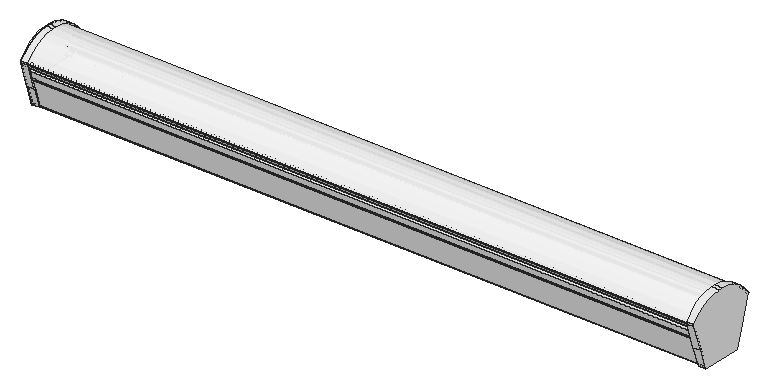
Revit family "LCOM-DFX", category Lighting Fixtures, host Face, Revit 2019
Family settings
  Host = Face
  Round Connector Dimension = Use Diameter
  Part Type = Normal
  OmniClass Number = 23.80.70.11.14.11
  OmniClass Title = Downlights
  Cut with Voids When Loaded = No
  Light Source = Yes
  Shared = No
  Room Calculation Point = No
Parameters (values of type "LCOM-DFX48-LED840K050LUNV")
  Width = 0' - 4 143/256"
  Wattage = 44 W
  built-in parameter 1150110 = 1 (stored number, unit not read)
  Voltage = 120 V
  URL = "https://www.viscor.com/en/products/lcom"
  built-in parameter 1114217 = 0.9 (stored number, unit not read)
  Tilt Angle = -90.00°
  built-in parameter 1150109 = 1 (stored number, unit not read)
  built-in parameter 1150134 = 12
  built-in parameter 1150113 = 1 (stored number, unit not read)
  Photometric Web File = "LCOM-DFX48-LED840K050LUNV.ies"
  Model = "LCOM"  # constant formula
  Manufacturer = "Visioneering By Viscor"  # constant formula
  built-in parameter 1150105 = 402.66 (stored number, unit not read)
  Lumens = 5060 lm
  built-in parameter 1150115 = 1 (stored number, unit not read)
  built-in parameter 1150137 = (empty or 0)
  built-in parameter 1150139 = (empty or 0)
  Lens Finish = Acrylic - Viscor - Frosted Round
  Length = 3' - 9 9/128"
  Lamp Wattage = 44 VA
  built-in parameter 1150112 = 1 (stored number, unit not read)
  built-in parameter 1150114 = 1 (stored number, unit not read)
  Lamp = "LED"
  built-in parameter 1150132 = (empty or 0)
  built-in parameter 1150102 = (empty or 0)
  built-in parameter 1150107 = 4000 (stored number, unit not read)
  built-in parameter 1150138 = (empty or 0)
  built-in parameter 1150106 = 4.0266 (stored number, unit not read)
  Housing Finish = Metal - Viscor - White
  Emit from Line Length = Length  # 3' - 9 9/128"
  built-in parameter 1150104 = 10.684 (stored number, unit not read)
  Dimming Lamp Color Temperature Shift = <None>
  Description = "Commercial-grade, LED strip luminaire"  # constant formula
  Default Elevation = 4' - 0"
  Color Filter = 16777215
  built-in parameter 1114218 = 1 (stored number, unit not read)
  built-in parameter 1150133 = 10 (stored number, unit not read)
  Assembly Code = ""
  Apparent Load = Lamp Wattage  # 44 VA
Types (9): name | Wattage | Photometric Web File | built-in parameter 1150105 | Lumens | Length | Lamp Wattage | built-in parameter 1150106 | Emit from Line Length | built-in parameter 1150104 | Assembly Code | Apparent Load
  (no name) | 44 W | "LCOM-DFX48-LED840K050LUNV.ies" | 402.66 (stored number, unit not read) | 5060 lm | 3' - 9 9/128" | 44 VA | 4.0266 (stored number, unit not read) | 3' - 9 9/128" | 10.684 (stored number, unit not read) | "" | 44 VA
  LCOM-DFX48-LED840K032LUNV | 26 W | "LCOM-DFX48-LED840K032LUNV.ies" | 254.49 (stored number, unit not read) | 3198 lm | 3' - 9 9/128" | 26 VA | 2.5449 (stored number, unit not read) | 3' - 9 9/128" | 11.427 (stored number, unit not read) | "" | 26 VA
  LCOM-DFX24-LED840K020LUNV | 16 W | "LCOM-DFX24-LED840K020LUNV.ies" | 162.97 (stored number, unit not read) | 2048 lm | 1' - 11 1/8" | 16 VA | 1.6297 (stored number, unit not read) | 1' - 11 1/8" | 11.892 (stored number, unit not read) | "D5020200" | 16 VA
  LCOM-DFX24-LED840K032LUNV | 25 W | "LCOM-DFX24-LED840K032LUNV.ies" | 254.65 (stored number, unit not read) | 3200 lm | 1' - 11 1/8" | 25 VA | 2.5465 (stored number, unit not read) | 1' - 11 1/8" | 11.892 (stored number, unit not read) | "" | 25 VA
  LCOM-DFX48-LED840K040LUNV | 33 W | "LCOM-DFX48-LED840K040LUNV.ies" | 317.75 (stored number, unit not read) | 3993 lm | 3' - 9 9/128" | 33 VA | 3.1775 (stored number, unit not read) | 3' - 9 9/128" | 11.241 (stored number, unit not read) | "" | 33 VA
  LCOM-DFX48-LED840K050LUNV | 44 W | "LCOM-DFX48-LED840K050LUNV.ies" | 402.66 (stored number, unit not read) | 5060 lm | 3' - 9 9/128" | 44 VA | 4.0266 (stored number, unit not read) | 3' - 9 9/128" | 10.684 (stored number, unit not read) | "" | 44 VA
  LCOM-DFX48-LED840K060LUNV | 54 W | "LCOM-DFX48-LED840K060LUNV.ies" | 476.99 (stored number, unit not read) | 5994 lm | 3' - 9 9/128" | 54 VA | 4.7699 (stored number, unit not read) | 3' - 9 9/128" | 10.312 (stored number, unit not read) | "" | 54 VA
  LCOM-DFX48-UVA | 52 W | 0' - 0" | 566.91 (stored number, unit not read) | 7124 lm | 3' - 9 9/128" | 52 VA | 5.6691 (stored number, unit not read) | 3' - 9 9/128" | 12.728 (stored number, unit not read) | "" | 52 VA
  LCOM-DFX24-UVA | 14.8 W | "LCOM-DFX24-UVA.ies" | 0.31799 (stored number, unit not read) | 3.996 lm | 1' - 11 1/8" | 14.8 VA | 0.0031799 (stored number, unit not read) | 1' - 11 1/8" | 0.025084 (stored number, unit not read) | "D5020200" | 14.8 VA
Reference planes (in)
  plane 1 "Center (Front/Back)": y = 0
  plane 2: z = 0
  plane 3 "Center (Left/Right)": x = 0
  plane 4: y = 2.2793
  plane 5: y = -2.2793
  plane 6 "Left": x = -22.53516
  plane 7 "Right": x = 22.53516
  plane 8: x = -22.50391
  plane 9: x = 22.50391
  plane 10: x = -22.03516
  plane 11: x = 22.03516
Forms (in)
  Extrusion 1, solid, material "Metal - Viscor - White" <- "Housing Finish"
    sketch origin (0, 0, 0) x (0, 1, 0) y (0, 0, 1)
      loop
        line (1.76425, 1.968) -> (1.29722, 1.968) -> (1.29722, 1.93675) -> (1.76425, 1.93675)
        arc (1.76425, 1.93675) -> (1.79479, 1.92119) -> (1.80016, 1.88733) r 0.03775
        line (1.80016, 1.88733) -> (1.23577, 0.15033)
        arc (1.23577, 0.15033) -> (1.22206, 0.13146) -> (1.19987, 0.12425) r 0.03775
        line (1.19987, 0.12425) -> (-1.19987, 0.12425)
        arc (-1.19987, 0.12425) -> (-1.22206, 0.13146) -> (-1.23577, 0.15033) r 0.03775
        line (-1.23577, 0.15033) -> (-1.80016, 1.88733)
        arc (-1.80016, 1.88733) -> (-1.79479, 1.92119) -> (-1.76425, 1.93675) r 0.03775
        line (-1.76425, 1.93675) -> (-1.29722, 1.93675) -> (-1.29722, 1.968) -> (-1.76425, 1.968)
        arc (-1.76425, 1.968) -> (-1.82008, 1.93956) -> (-1.82988, 1.87768) r 0.069
        line (-1.82988, 1.87768) -> (-1.26549, 0.14068)
        arc (-1.26549, 0.14068) -> (-1.24043, 0.10618) -> (-1.19987, 0.093) r 0.069
        line (-1.19987, 0.093) -> (1.19987, 0.093)
        arc (1.19987, 0.093) -> (1.24043, 0.10618) -> (1.26549, 0.14068) r 0.069
        line (1.26549, 0.14068) -> (1.82988, 1.87768)
        arc (1.82988, 1.87768) -> (1.82008, 1.93956) -> (1.76425, 1.968) r 0.069
    from -22.50391 to 22.50391
  Extrusion 2, solid, material "Metal - Viscor - White" <- "Housing Finish"
    sketch origin (0, 0, 0) x (0, 1, 0) y (0, 0, 1)
      loop
        line (0.13124, 4.28189) -> (-0.12661, 4.2821)
        arc (-0.12661, 4.2821) -> (-1.33871, 3.93586) -> (-2.26566, 3.08155) r 2.72746
        arc (-2.26566, 3.08155) -> (-2.27854, 3.04796) -> (-2.2754, 3.01212) r 0.08
        line (-2.2754, 3.01212) -> (-1.73379, 1.34522) -> (-1.69882, 1.35658) -> (-1.27688, 0.058) -> (1.27688, 0.058) -> (1.69882, 1.35658) -> (1.73379, 1.34522) -> (2.2754, 3.01212)
        arc (2.2754, 3.01212) -> (2.27854, 3.04796) -> (2.26566, 3.08155) r 0.08
        arc (2.26566, 3.08155) -> (1.34073, 3.93472) -> (0.13124, 4.28189) r 2.72746
    from 22.03516 to 22.53516
  Extrusion 3, solid, material "Metal - Viscor - White" <- "Housing Finish"
    sketch origin (0, 0, 0) x (0, 1, 0) y (0, 0, -1)
      loop
        arc (0.13124, -4.28189) -> (1.34073, -3.93472) -> (2.26566, -3.08155) r 2.72746
        arc (2.26566, -3.08155) -> (2.27854, -3.04796) -> (2.2754, -3.01212) r 0.08
        line (2.2754, -3.01212) -> (1.73379, -1.34522) -> (1.69882, -1.35658) -> (1.27688, -0.058) -> (-1.27688, -0.058) -> (-1.69882, -1.35658) -> (-1.73379, -1.34522) -> (-2.2754, -3.01212)
        arc (-2.2754, -3.01212) -> (-2.27854, -3.04796) -> (-2.26566, -3.08155) r 0.08
        arc (-2.26566, -3.08155) -> (-1.33871, -3.93586) -> (-0.12661, -4.2821) r 2.72746
        line (-0.12661, -4.2821) -> (0.13124, -4.28189)
    from 22.03516 to 22.53516
  Extrusion 4, solid, material "Acrylic - Viscor - Frosted Round" <- "Lens Finish"
    sketch origin (0, 0, 0) x (0, 1, 0) y (0, 0, 1)
      loop
        line (1.71654, 2.35345) -> (1.56838, 2.34114)
        arc (1.56838, 2.34114) -> (1.51005, 2.35464) -> (1.47047, 2.39956) r 0.098
        line (1.47047, 2.39956) -> (1.44364, 2.46095)
        arc (1.44364, 2.46095) -> (1.44791, 2.54805) -> (1.51992, 2.59726) r 0.098
        line (1.51992, 2.59726) -> (1.9983, 2.66388)
        arc (1.9983, 2.66388) -> (2.05466, 2.68569) -> (2.0954, 2.73032) r 0.13205
        line (2.0954, 2.73032) -> (2.21575, 2.94602)
        arc (2.21575, 2.94602) -> (2.219, 2.98894) -> (2.20381, 3.02921) r 0.09943
        arc (2.20381, 3.02921) -> (0, 4.22177) -> (-2.20381, 3.02921) r 2.63256
        arc (-2.20381, 3.02921) -> (-2.219, 2.98894) -> (-2.21575, 2.94602) r 0.09943
        line (-2.21575, 2.94602) -> (-2.0954, 2.73032)
        arc (-2.0954, 2.73032) -> (-2.05466, 2.68569) -> (-1.9983, 2.66388) r 0.13205
        line (-1.9983, 2.66388) -> (-1.51992, 2.59726)
        arc (-1.51992, 2.59726) -> (-1.44791, 2.54805) -> (-1.44364, 2.46095) r 0.098
        line (-1.44364, 2.46095) -> (-1.47047, 2.39956)
        arc (-1.47047, 2.39956) -> (-1.51005, 2.35464) -> (-1.56838, 2.34114) r 0.098
        line (-1.56838, 2.34114) -> (-1.71654, 2.35345)
        arc (-1.71654, 2.35345) -> (-1.73623, 2.34217) -> (-1.73271, 2.31975) r 0.02
        arc (-1.73271, 2.31975) -> (-1.70956, 2.30289) -> (-1.68192, 2.29538) r 0.079
        line (-1.68192, 2.29538) -> (-1.57293, 2.28633)
        arc (-1.57293, 2.28633) -> (-1.48187, 2.30741) -> (-1.42007, 2.37753) r 0.153
        line (-1.42007, 2.37753) -> (-1.39324, 2.43892)
        arc (-1.39324, 2.43892) -> (-1.39992, 2.57491) -> (-1.51233, 2.65173) r 0.153
        line (-1.51233, 2.65173) -> (-1.99071, 2.71835)
        arc (-1.99071, 2.71835) -> (-2.0236, 2.73108) -> (-2.04737, 2.75712) r 0.07705
        line (-2.04737, 2.75712) -> (-2.17099, 2.97869)
        arc (-2.17099, 2.97869) -> (0, 4.16677) -> (2.17099, 2.97869) r 2.57756
        line (2.17099, 2.97869) -> (2.04737, 2.75712)
        arc (2.04737, 2.75712) -> (2.0236, 2.73108) -> (1.99071, 2.71835) r 0.07705
        line (1.99071, 2.71835) -> (1.51233, 2.65173)
        arc (1.51233, 2.65173) -> (1.39992, 2.57491) -> (1.39324, 2.43892) r 0.153
        line (1.39324, 2.43892) -> (1.42007, 2.37753)
        arc (1.42007, 2.37753) -> (1.48187, 2.30741) -> (1.57293, 2.28633) r 0.153
        line (1.57293, 2.28633) -> (1.68192, 2.29538)
        arc (1.68192, 2.29538) -> (1.70956, 2.30289) -> (1.73271, 2.31975) r 0.079
        arc (1.73271, 2.31975) -> (1.73623, 2.34217) -> (1.71654, 2.35345) r 0.02
    from -22.50391 to 22.50391
  Extrusion 5, solid, material "Metal - Viscor - White" <- "Housing Finish"
    sketch origin (0, 0, 0) x (0, 1, 0) y (0, 0, 1)
      loop
        arc (1.80974, 1.968) -> (1.8503, 1.98118) -> (1.87537, 2.01568) r 0.069
        line (1.87537, 2.01568) -> (2.03073, 2.49385)
        arc (2.03073, 2.49385) -> (2.01911, 2.55813) -> (1.9591, 2.58391) r 0.069
        line (1.9591, 2.58391) -> (1.48092, 2.54208) -> (1.48365, 2.51095) -> (1.96182, 2.55278)
        arc (1.96182, 2.55278) -> (1.99466, 2.53868) -> (2.00101, 2.50351) r 0.03775
        line (2.00101, 2.50351) -> (1.84565, 2.02533)
        arc (1.84565, 2.02533) -> (1.83193, 2.00646) -> (1.80974, 1.99925) r 0.03775
        line (1.80974, 1.99925) -> (-1.80974, 1.99925)
        arc (-1.80974, 1.99925) -> (-1.83193, 2.00646) -> (-1.84565, 2.02533) r 0.03775
        line (-1.84565, 2.02533) -> (-2.00101, 2.50351)
        arc (-2.00101, 2.50351) -> (-1.99466, 2.53868) -> (-1.96182, 2.55278) r 0.03775
        line (-1.96182, 2.55278) -> (-1.48365, 2.51095) -> (-1.48092, 2.54208) -> (-1.9591, 2.58391)
        arc (-1.9591, 2.58391) -> (-2.01911, 2.55813) -> (-2.03073, 2.49385) r 0.069
        line (-2.03073, 2.49385) -> (-1.87537, 2.01568)
        arc (-1.87537, 2.01568) -> (-1.8503, 1.98118) -> (-1.80974, 1.968) r 0.069
        line (-1.80974, 1.968) -> (1.80974, 1.968)
    from -22.50391 to 22.50391
  Extrusion 6, void
    sketch origin (-22.03516, 0, 0) x (0, 1, 0) y (0, 0, -1)
      loop
        arc (0.13049, -4.25064) -> (1.32573, -3.90731) -> (2.23975, -3.06408) r 2.69621
        arc (2.23975, -3.06408) -> (2.24759, -3.04362) -> (2.24568, -3.02178) r 0.04875
        line (2.24568, -3.02178) -> (1.71373, -1.38459) -> (1.67875, -1.39596) -> (1.25418, -0.08925) -> (-1.25418, -0.08925) -> (-1.67875, -1.39596) -> (-1.71373, -1.38459) -> (-2.24568, -3.02178)
        arc (-2.24568, -3.02178) -> (-2.24759, -3.04362) -> (-2.23975, -3.06408) r 0.04875
        arc (-2.23975, -3.06408) -> (-1.32373, -3.90843) -> (-0.12591, -4.25085) r 2.69621
        line (-0.12591, -4.25085) -> (0.13049, -4.25064)
    from 0 to 0.468
  Extrusion 7, void
    sketch origin (22.03516, 0, 0) x (0, 1, 0) y (0, 0, 1)
      loop
        arc (2.25298, 3.04425) -> (1.33611, 3.90144) -> (0.13049, 4.25064) r 2.69621
        line (0.13049, 4.25064) -> (-0.12591, 4.25085)
        arc (-0.12591, 4.25085) -> (-1.32373, 3.90843) -> (-2.23975, 3.06408) r 2.69621
        arc (-2.23975, 3.06408) -> (-2.24759, 3.04362) -> (-2.24568, 3.02178) r 0.04875
        line (-2.24568, 3.02178) -> (-1.71373, 1.38459) -> (-1.67875, 1.39596) -> (-1.25418, 0.08925) -> (1.25418, 0.08925) -> (1.67875, 1.39596) -> (1.71373, 1.38459) -> (2.25298, 3.04425)
    from 0 to 0.468
Cuts and joins
  Extrusion 6 cuts Extrusion 3
  Extrusion 6, Extrusion 7 cuts Extrusion 5
  Extrusion 7 cuts Extrusion 2
Dimensions and locks (in)
  equal spacing: plane 6 "Left", plane 3 "Center (Left/Right)", plane 7 "Right"
  "Length": plane 6 "Left" to plane 7 "Right"
  equal spacing: plane 4, plane 1 "Center (Front/Back)", plane 5
  "Width": plane 4 to plane 5
  locked: plane 8 to plane 6 "Left" at 0.03125
  locked: plane 9 to plane 7 "Right" at 0.03125
  locked: plane 11 to plane 7 "Right" at 0.5
  locked: plane 6 "Left" to plane 10 at 0.5
  aligned and locked: plane 2 to host face
  aligned and locked: level to host face
  aligned and locked: plane 9 to Extrusion 1
  aligned and locked: Extrusion 1 to plane 8
  aligned and locked: Extrusion 2 sketch curve to import instance
  aligned and locked: plane 7 "Right" to Extrusion 2
  aligned and locked: Extrusion 2 to plane 11
  aligned and locked: Extrusion 3 to plane 6 "Left"
  aligned and locked: plane 10 to Extrusion 3
  aligned and locked: Extrusion 4 to plane 8
  aligned and locked: plane 9 to Extrusion 4
  aligned and locked: Extrusion 5 to plane 8
  aligned and locked: plane 9 to Extrusion 5
Automatic sketch dimensions
  host sketch curve to host sketch curve = 8' - 0"  (x2)
  Extrusion 1 sketch curve to Extrusion 1 sketch curve = 0' - 0"  (x8)
  plane 5 to Extrusion 1 sketch curve = 0' - 0.44942"
  Extrusion 1 sketch curve to Extrusion 1 sketch curve = 0' - 0.02972"  (x3)
  Extrusion 1 sketch curve to Extrusion 1 sketch curve = 0' - 0.0359"  (x4)
  Extrusion 1 sketch curve to Extrusion 1 sketch curve = 0' - 0.46703"  (x2)
  level to Extrusion 1 sketch curve = 0' - 0.14068"  (x2)
  plane 5 to Extrusion 1 sketch curve = 0' - 1.01381"
  level to Extrusion 1 sketch curve = 0' - 0.15033"  (x2)
  level to Extrusion 1 sketch curve = 0' - 0.093"
  Extrusion 1 sketch curve to plane 4 = 0' - 1.07943"
  Extrusion 1 sketch curve to plane 4 = 0' - 0.98207"
  Extrusion 1 sketch curve to Extrusion 1 sketch curve = 0' - 1.737"  (x2)
  Extrusion 1 sketch curve to Extrusion 1 sketch curve = 0' - 0.00966"  (x2)
  Extrusion 1 sketch curve to Extrusion 1 sketch curve = 0' - 0.01167"  (x2)
  plane 5 to Extrusion 2 sketch curve = 0' - 0 1/256"
  plane 5 to Extrusion 2 sketch curve = 0' - 0.07998"
  plane 5 to Extrusion 2 sketch curve = 0' - 0.5455"
  Extrusion 2 sketch curve to Extrusion 2 sketch curve = 0' - 0.03498"  (x2)
  level to Extrusion 2 sketch curve = 0' - 0.058"
  plane 1 "Center (Front/Back)" to Extrusion 2 sketch curve = 0' - 1.27688"
  plane 1 "Center (Front/Back)" to Extrusion 2 sketch curve = 0' - 0.12661"
  plane 1 "Center (Front/Back)" to Extrusion 2 sketch curve = 0' - 0.00379"
  Extrusion 2 sketch curve to plane 1 "Center (Front/Back)" = 0' - 0.00379"
  Extrusion 2 sketch curve to plane 1 "Center (Front/Back)" = 0' - 0.13124"
  Extrusion 2 sketch curve to plane 4 = 0' - 1.00241"
  Extrusion 2 sketch curve to plane 4 = 0' - 0.07998"
  Extrusion 2 sketch curve to plane 4 = 0' - 0 1/256"
  level to Extrusion 2 sketch curve = 0' - 1.34522"
  level to Extrusion 2 sketch curve = 0' - 1.55741"
  Extrusion 2 sketch curve to Extrusion 2 sketch curve = 0' - 0"
  Extrusion 2 sketch curve to Extrusion 2 sketch curve = 0' - 0.02472"  (x2)
  Extrusion 2 sketch curve to Extrusion 2 sketch curve = 0' - 1.24505"
  Extrusion 2 sketch curve to Extrusion 2 sketch curve = 0' - 0.00021"
  plane 5 to Extrusion 3 sketch curve = 0' - 0 1/256"
  plane 5 to Extrusion 3 sketch curve = 0' - 0.07998"
  plane 5 to Extrusion 3 sketch curve = 0' - 0.5455"
  Extrusion 3 sketch curve to Extrusion 3 sketch curve = 0' - 0.03498"  (x2)
  level to Extrusion 3 sketch curve = 0' - 0.058"
  plane 1 "Center (Front/Back)" to Extrusion 3 sketch curve = 0' - 1.27688"
  plane 1 "Center (Front/Back)" to Extrusion 3 sketch curve = 0' - 0.12661"
  plane 1 "Center (Front/Back)" to Extrusion 3 sketch curve = 0' - 0.00379"
  Extrusion 3 sketch curve to plane 1 "Center (Front/Back)" = 0' - 0.00379"
  Extrusion 3 sketch curve to plane 1 "Center (Front/Back)" = 0' - 0.13124"
  Extrusion 3 sketch curve to plane 4 = 0' - 1.00241"
  Extrusion 3 sketch curve to plane 4 = 0' - 0.58048"
  Extrusion 3 sketch curve to plane 4 = 0' - 0.07998"
  Extrusion 3 sketch curve to plane 4 = 0' - 0 1/256"
  level to Extrusion 3 sketch curve = 0' - 1.34522"  (x2)
  level to Extrusion 3 sketch curve = 0' - 1.55741"
  Extrusion 3 sketch curve to Extrusion 3 sketch curve = 0' - 0"
  Extrusion 3 sketch curve to Extrusion 3 sketch curve = 0' - 0.02472"  (x2)
  Extrusion 3 sketch curve to Extrusion 3 sketch curve = 0' - 1.24505"
  Extrusion 3 sketch curve to Extrusion 3 sketch curve = 0' - 0.00021"
  Extrusion 4 sketch curve to plane 4 = 0' - 0.88606"
  Extrusion 4 sketch curve to Extrusion 4 sketch curve = 0' - 0.02683"  (x4)
  Extrusion 4 sketch curve to Extrusion 4 sketch curve = 0' - 0.14019"  (x2)
  Extrusion 4 sketch curve to Extrusion 4 sketch curve = 0' - 0.01266"  (x2)
  Extrusion 4 sketch curve to Extrusion 4 sketch curve = 0' - 0.11512"
  Extrusion 4 sketch curve to Extrusion 4 sketch curve = 0' - 0.00654"
  Extrusion 4 sketch curve to Extrusion 4 sketch curve = 0' - 0.03627"  (x2)
  level to Extrusion 4 sketch curve = 0' - 2.28633"
  Extrusion 4 sketch curve to Extrusion 4 sketch curve = 0' - 0.00905"  (x2)
  Extrusion 4 sketch curve to Extrusion 4 sketch curve = 0' - 0.03813"  (x2)
  Extrusion 4 sketch curve to Extrusion 4 sketch curve = 0' - 0.0406"  (x2)
  Extrusion 4 sketch curve to Extrusion 4 sketch curve = 0' - 0.0912"
  Extrusion 4 sketch curve to Extrusion 4 sketch curve = 0' - 0.06139"  (x4)
  Extrusion 4 sketch curve to Extrusion 4 sketch curve = 0' - 0.0211"  (x2)
  Extrusion 4 sketch curve to Extrusion 4 sketch curve = 0' - 0.00166"  (x2)
  Extrusion 4 sketch curve to Extrusion 4 sketch curve = 0' - 0"  (x17)
  Extrusion 4 sketch curve to plane 4 = 0' - 0.28858"
  Extrusion 4 sketch curve to Extrusion 4 sketch curve = 0' - 0.36491"
  Extrusion 4 sketch curve to Extrusion 4 sketch curve = 0' - 0.01063"
  Extrusion 4 sketch curve to Extrusion 4 sketch curve = 0' - 0.07631"
  Extrusion 4 sketch curve to Extrusion 4 sketch curve = 0' - 0.05665"  (x2)
  Extrusion 4 sketch curve to plane 4 = 0' - 0.10831"
  Extrusion 4 sketch curve to Extrusion 4 sketch curve = 0' - 0.22156"  (x2)
  Extrusion 4 sketch curve to plane 1 "Center (Front/Back)" = 0' - 0"
  level to Extrusion 4 sketch curve = 0' - 1.58921"
  plane 5 to Extrusion 4 sketch curve = 0' - 0.10831"
  plane 5 to Extrusion 4 sketch curve = 0' - 0.23193"
  Extrusion 4 sketch curve to Extrusion 4 sketch curve = 0' - 0.06728"
  Extrusion 4 sketch curve to Extrusion 4 sketch curve = 0' - 0.03754"
  Extrusion 4 sketch curve to Extrusion 4 sketch curve = 0' - 0.47838"
  Extrusion 4 sketch curve to Extrusion 4 sketch curve = 0' - 0.06662"
  Extrusion 4 sketch curve to Extrusion 4 sketch curve = 0' - 0.15154"
  Extrusion 4 sketch curve to Extrusion 4 sketch curve = 0' - 0.10899"
  Extrusion 4 sketch curve to Extrusion 4 sketch curve = 0' - 0.04281"
  Extrusion 4 sketch curve to Extrusion 4 sketch curve = 0' - 0.00455"  (x2)
  Extrusion 4 sketch curve to Extrusion 4 sketch curve = 0' - 0.05481"
  Extrusion 4 sketch curve to Extrusion 4 sketch curve = 0' - 0.0504"  (x4)
  Extrusion 4 sketch curve to Extrusion 4 sketch curve = 0' - 0.02203"  (x2)
  Extrusion 4 sketch curve to Extrusion 4 sketch curve = 0' - 0.00759"  (x4)
  Extrusion 4 sketch curve to Extrusion 4 sketch curve = 0' - 0.05447"  (x2)
  Extrusion 4 sketch curve to Extrusion 4 sketch curve = 0' - 0.04803"  (x2)
  Extrusion 4 sketch curve to Extrusion 4 sketch curve = 0' - 0.04476"  (x2)
  Extrusion 4 sketch curve to Extrusion 4 sketch curve = 0' - 0.03266"
  Extrusion 4 sketch curve to Extrusion 4 sketch curve = 0' - 0.05041"  (x2)
  Extrusion 4 sketch curve to Extrusion 4 sketch curve = 0' - 0.00387"
  Extrusion 4 sketch curve to Extrusion 4 sketch curve = 0' - 0.03283"  (x2)
  Extrusion 4 sketch curve to Extrusion 4 sketch curve = 0' - 0.0268"
  Extrusion 5 sketch curve to Extrusion 5 sketch curve = 0' - 0"  (x8)
  plane 5 to Extrusion 5 sketch curve = 0' - 0.24856"
  Extrusion 5 sketch curve to Extrusion 5 sketch curve = 0' - 0.02972"  (x4)
  Extrusion 5 sketch curve to Extrusion 5 sketch curve = 0' - 0.0359"  (x4)
  Extrusion 5 sketch curve to Extrusion 5 sketch curve = 0' - 0.00329"  (x2)
  Extrusion 5 sketch curve to Extrusion 5 sketch curve = 0' - 0.00272"  (x4)
  plane 5 to Extrusion 5 sketch curve = 0' - 0.40393"
  Extrusion 5 sketch curve to plane 4 = 0' - 0.79837"
  Extrusion 5 sketch curve to plane 4 = 0' - 0.46955"
  Extrusion 5 sketch curve to plane 4 = 0' - 0.3202"
  level to Extrusion 5 sketch curve = 0' - 1.968"
  Extrusion 5 sketch curve to Extrusion 5 sketch curve = 0' - 0 1/32"
  Extrusion 5 sketch curve to Extrusion 5 sketch curve = 0' - 0.01643"  (x2)
  Extrusion 5 sketch curve to Extrusion 5 sketch curve = 0' - 0.47818"  (x2)
  Extrusion 5 sketch curve to Extrusion 5 sketch curve = 0' - 0.00966"  (x2)
  Extrusion 5 sketch curve to Extrusion 5 sketch curve = 0' - 0.00744"
  Extrusion 5 sketch curve to Extrusion 5 sketch curve = 0' - 0.01167"
  Extrusion 5 sketch curve to Extrusion 5 sketch curve = 0' - 0.04183"
  Extrusion 3 to Extrusion 6 sketch curve = 0' - 0 1/32"  (x6)
  Extrusion 3 to Extrusion 6 sketch curve = 0' - 2.96378"  (x2)
  Extrusion 6 sketch curve to Extrusion 6 sketch curve = 0' - 0.42458"
  Extrusion 6 sketch curve to Extrusion 6 sketch curve = 0' - 2.0734"
  Extrusion 6 sketch curve to Extrusion 6 sketch curve = 0' - 0.25641"
  Extrusion 2 to Extrusion 7 sketch curve = 0' - 0 1/32"  (x5)
  Extrusion 2 to Extrusion 7 sketch curve = 0' - 2.96378"
  Extrusion 7 sketch curve to Extrusion 7 sketch curve = 0' - 0.42458"  (x2)
  Extrusion 2 to Extrusion 7 sketch curve = 0' - 4.19285"
  Extrusion 2 to Extrusion 7 sketch curve = 0' - 4.19264"
  Extrusion 7 sketch curve to Extrusion 7 sketch curve = 0' - 1.25038"
  radius of Extrusion 6 sketch curve to Extrusion 3 = 0' - 0 1/32"  (x4)
  radius of Extrusion 7 sketch curve to Extrusion 2 = 0' - 0 1/32"  (x3)
